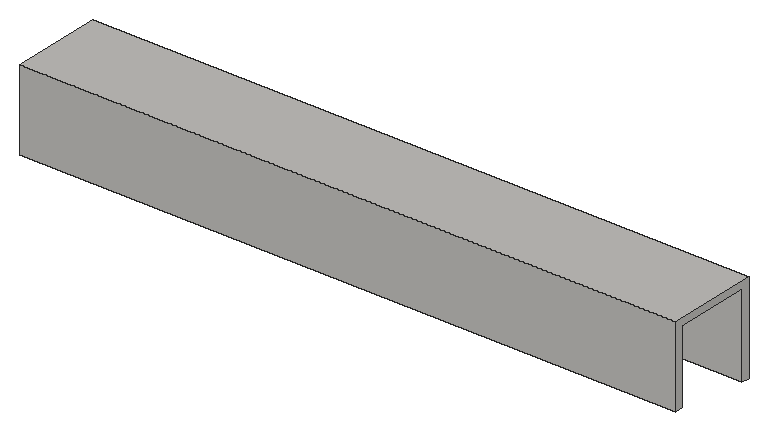
Revit family "Curb_Overlay_NobleCompany", category Specialty Equipment, host Face, Revit 2015
Parameters (values of type "1 Sided")
  Width [instance] = 32 1/2"
  URL = "www.noblecompany.com"
  Type Comments = ""
  Tile [instance] = Stainless Steel - Brushed
  Radius = 15 1/2"
  Product Properties = "http://www.noblecompany.com/Portals/0/PRODUCT%20INFO/Product%20Descriptions/FreeStyle%20Linear%20Drain%20Product%20Decription%200410.pdf"
  Product Data = "http://www.noblecompany.com/Products/ShowerProducts/tabid/59/Default.aspx"
  Model = "Preformed Overlay Curb"
  Manufacturer Phone - Toll Free = "800-878-5788"
  Manufacturer Phone = "231-799-8000"
  Manufacturer Fax = "231-799-8850"
  Manufacturer Email = "mailto:sales@noblecompany.com"
  Manufacturer Address = "7300 Enterprise Drive, Spring Lake, MI  49456 USA"
  Manufacturer = "Noble Company"
  Floor Offset_Outside [instance] = 1"
  Floor Offset_Inside [instance] = 1/2"
  Det2 = no
  Depth [instance] = 32 1/2"
  Installation-Fabrication = "http://www.noblecompany.com/Portals/0/PRODUCT%20INFO/Product%20Descriptions/FreeStyle%20Linear%20Drain%20Product%20Decription%200410.pdf"
  Height = 20"
  Description = "Noble Preformed Overlay Curb"
  Building Codes = "http://www.noblecompany.com/Portals/0/TECHNICAL%20INFO/Listing_Testing_Certification_Reports/PMG-1065%20Noble%20Company%20Linear%20Drain%20final%202.pdf"
  Base = Polymer coated Expanded Polystyrene
  Assembly Code = "D2030300"
  Default Elevation = 0"
  3 Sides = no
  2 Sides = no
  1 Side = yes
Types (3): name | Type Comments | Floor Offset_Outside | Floor Offset_Inside | Det2 | 3 Sides | 2 Sides | 1 Side
  1 Sided | "" | 1" | 1/2" | no | no | no | yes
  2 Sided | "" | 1/4" | 1/4" | yes | no | yes | no
  3 Sided | "Modify Sweep for Neo Angles and Custom Applications" | 1/2" | 1/4" | yes | yes | no | no
Reference planes (in)
  plane 1 "Center (Front/Back)": y = 0
  plane 2: z = 0
  plane 3 "Center (Left/Right)": x = 0
  plane 4: x = 32.5
  plane 5: y = 32.5
  plane 6: z = 20
Forms (in)
  Sweep 1, solid, material "Polymer coated Expanded Polystyrene" <- "Base", visible <- "1 Side"
    path origin (0, 0, 0) x (1, 0, 0) y (0, 1, 0)
      loop
        line (0, 0) -> (32.5, 0)
    profile "Profle_Curb_Overlay : Profle_Curb_Overlay" origin (16.25, 0, 0) x (0, 1, 0) y (0, 0, 1)
      loop
        line (0, 0.5) -> (0, 5) -> (-4.5, 5) -> (-4.5, 1) -> (-4.125, 1) -> (-4.125, 4.625) -> (-0.375, 4.625) -> (-0.375, 0.5) -> (0, 0.5)
  Sweep 2, solid, material "Polymer coated Expanded Polystyrene" <- "Base", visible <- "2 Sides"
    path origin (0, 0, 0) x (1, 0, 0) y (0, 1, 0)
      loop
        line (0, 0) -> (32.5, 0) -> (32.5, 32.5)
    profile "Profle_Curb_Overlay : Profle_Curb_Overlay" origin (16.25, 0, 0) x (0, 1, 0) y (0, 0, 1)
      loop
        line (0, 0.5) -> (0, 5) -> (-4.5, 5) -> (-4.5, 1) -> (-4.125, 1) -> (-4.125, 4.625) -> (-0.375, 4.625) -> (-0.375, 0.5) -> (0, 0.5)
  Sweep 3, solid, material "Polymer coated Expanded Polystyrene" <- "Base", visible <- "3 Sides"
    path origin (0, 0, 0) x (1, 0, 0) y (0, 1, 0)
      loop
        line (0, 0) -> (32.5, 0) -> (32.5, 32.5) -> (0, 32.5)
    profile "Profle_Curb_Overlay : Profle_Curb_Overlay" origin (16.25, 0, 0) x (0, 1, 0) y (0, 0, 1)
      loop
        line (0, 0.5) -> (0, 5) -> (-4.5, 5) -> (-4.5, 1) -> (-4.125, 1) -> (-4.125, 4.625) -> (-0.375, 4.625) -> (-0.375, 0.5) -> (0, 0.5)
Dimensions and locks (in)
  "Height": plane 6 to level
  "Width": plane 3 "Center (Left/Right)" to plane 4
  "Depth": plane 5 to plane 1 "Center (Front/Back)"
  aligned and locked: plane 2 to host face
  aligned and locked: level to host face
  aligned and locked: plane 1 "Center (Front/Back)" to Sweep 1 sketch curve
  aligned and locked: plane 3 "Center (Left/Right)" to Sweep 1 sketch curve
  aligned and locked: plane 4 to Sweep 1 sketch curve
  aligned and locked: plane 3 "Center (Left/Right)" to Sweep 2 sketch curve
  aligned and locked: plane 5 to Sweep 2 sketch curve
  aligned and locked: plane 4 to Sweep 2 sketch curve
  aligned and locked: plane 1 "Center (Front/Back)" to Sweep 2 sketch curve
  aligned and locked: plane 3 "Center (Left/Right)" to Sweep 3 sketch curve  (x2)
  aligned and locked: plane 1 "Center (Front/Back)" to Sweep 3 sketch curve
  aligned and locked: plane 4 to Sweep 3 sketch curve
  aligned and locked: plane 5 to Sweep 3 sketch curve
  aligned and locked: nested 1 to level
  aligned and locked: plane 4 to nested 1
  aligned and locked: plane 5 to nested 2
  aligned and locked: nested 2 to level
  aligned and locked: nested 3 to plane 1 "Center (Front/Back)"
  aligned and locked: level to nested 3
Automatic sketch dimensions
  host sketch curve to host sketch curve = 56 1/2"
  host sketch curve to host sketch curve = 49.54642"
Nested families (in)
  nested 1: "Detail_Curb_Overlay" at (32.5, 0, 0) x (1, 0, 0) z (0, -1, 0), visible <- "Det2", type "Detail_Curb_Overlay"
  nested 2: "Detail_Curb_Overlay" at (0, 32.5, 0) x (0, 1, 0) z (1, 0, 0), visible <- "3 Sides", type "Detail_Curb_Overlay"
  nested 3: "Detail_Curb_Overlay" at (0, 0, 0) x (0, -1, 0) z (1, 0, 0), type "Detail_Curb_Overlay"
Definition of nested family "Detail_Curb_Overlay"
  Parameters
    Floor Offset_Shower Side = 1/4"
    Floor Offset_Outside = 1/4"
  Reference planes (in)
    plane 1 "Center (Front/Back)": y = 0
    plane 2: z = 0
    plane 3 "Center (Left/Right)": x = 0
    plane 4: y = 0.25
    plane 5: y = 0.25
    plane 6: y = 5
    plane 7: y = 4.5
    plane 8: y = 4.625
  Lines and regions (in)
    Filled region 1, type "Concrete", in view "Ref. Level"
      outline origin (0.125, 0.375, 0) x (1, 0, 0) y (0, 1, 0)
        loop
          line (-0.125, 4.625) -> (-0.125, -0.125) -> (0.25, -0.125) -> (0.25, 4.25) -> (3.99992, 4.25) -> (3.99992, -0.125) -> (4.37492, -0.125) -> (4.37492, 4.625) -> (-0.125, 4.625)
    Filled region 2, type "Solid", in view "Ref. Level"
      outline origin (0, 0, 0) x (1, 0, 0) y (0, 1, 0)
        loop
          line (0.5, 0) -> (0.5, 4.5) -> (4, 4.5) -> (4, 0) -> (6, 0) -> (6, 0.0625) -> (4.0625, 0.0625) -> (4.0625, 4.5625) -> (0.4375, 4.5625) -> (0.4375, 0.0625) -> (-1.49439, 0.0625) -> (-1.49439, 0) -> (0.5, 0)
    detail lines, in view "Ref. Level"
      curve 1: line (0, 0.25, 0) -> (0, 5, 0)
      curve 2: line (0, 5, 0) -> (4.49992, 5, 0)
      curve 3: line (4.49992, 5, 0) -> (4.49992, 0.25, 0)
      curve 4: line (4.49992, 0.25, 0) -> (4.12492, 0.25, 0)
      curve 5: line (4.12492, 0.25, 0) -> (4.12492, 4.5, 0)
      curve 6: line (4.12492, 4.625, 0) -> (0.5, 4.625, 0)
      curve 7: line (0.375, 4.5, 0) -> (0.375, 0.25, 0)
      curve 8: line (0.375, 0.25, 0) -> (0, 0.25, 0)
      curve 9: line (0.5, 3, 0) -> (4, 3, 0)
      curve 10: line (0.5, 1.5, 0) -> (4, 1.5, 0)
      curve 11: line (0.5, 0, 0) -> (4, 0, 0)
      curve 12: line (0.5, 4.5, 0) -> (4, 3, 0)
      curve 13: line (4, 3, 0) -> (0.5, 1.5, 0)
      curve 14: line (0.5, 1.5, 0) -> (4, 0, 0)
      curve 15: line (4, 1.5, 0) -> (0.5, 0, 0)
      curve 16: line (4, 1.5, 0) -> (0.5, 3, 0)
      curve 17: line (0.5, 3, 0) -> (4, 4.5, 0)
      curve 18: line (0.5, 0, 0) -> (0.5, 4.5, 0)
      curve 19: line (4, 0, 0) -> (4, 4.5, 0)
      curve 20: line (0.5, 4.5, 0) -> (4, 4.5, 0)
      curve 21: arc (0.5, 4.375, 0) -> (0.375, 4.25, 0) -> (0.5, 4.125, 0) r 0.125
      curve 22: arc (0.5, 3.875, 0) -> (0.375, 3.75, 0) -> (0.5, 3.625, 0) r 0.125
      curve 23: arc (0.5, 3.375, 0) -> (0.375, 3.25, 0) -> (0.5, 3.125, 0) r 0.125
      curve 24: arc (0.5, 2.875, 0) -> (0.375, 2.75, 0) -> (0.5, 2.625, 0) r 0.125
      curve 25: arc (0.5, 2.375, 0) -> (0.375, 2.25, 0) -> (0.5, 2.125, 0) r 0.125
      curve 26: arc (0.5, 1.875, 0) -> (0.375, 1.75, 0) -> (0.5, 1.625, 0) r 0.125
      curve 27: arc (0.5, 1.375, 0) -> (0.375, 1.25, 0) -> (0.5, 1.125, 0) r 0.125
      curve 28: arc (0.5, 0.25349, 0) -> (0.375, 0.12849, 0) -> (0.5, 0.00349, 0) r 0.125
      curve 29: arc (0.5, 0.03781, 0) -> (0.375, -0.08719, 0) -> (0.5, -0.21219, 0) r 0.125
      curve 30: arc (4, 4.375, 0) -> (4.125, 4.25, 0) -> (4, 4.125, 0) r 0.125
      curve 31: arc (4, 3.875, 0) -> (4.125, 3.75, 0) -> (4, 3.625, 0) r 0.125
      curve 32: arc (4, 3.375, 0) -> (4.125, 3.25, 0) -> (4, 3.125, 0) r 0.125
      curve 33: arc (4, 2.875, 0) -> (4.125, 2.75, 0) -> (4, 2.625, 0) r 0.125
      curve 34: arc (4, 2.375, 0) -> (4.125, 2.25, 0) -> (4, 2.125, 0) r 0.125
      curve 35: arc (4, 1.875, 0) -> (4.125, 1.75, 0) -> (4, 1.625, 0) r 0.125
      curve 36: arc (4, 0.75349, 0) -> (4.125, 0.62849, 0) -> (4, 0.50349, 0) r 0.125
      curve 37: arc (4, 0.25349, 0) -> (4.125, 0.12849, 0) -> (4, 0.00349, 0) r 0.125
      curve 38: arc (4, 0.375, 0) -> (4.125, 0.25, 0) -> (4, 0.125, 0) r 0.125
      curve 39: arc (0.875, 4.5, 0) -> (0.75, 4.625, 0) -> (0.625, 4.5, 0) r 0.125
      curve 40: arc (1.375, 4.5, 0) -> (1.25, 4.625, 0) -> (1.125, 4.5, 0) r 0.125
      curve 41: arc (1.875, 4.5, 0) -> (1.75, 4.625, 0) -> (1.625, 4.5, 0) r 0.125
      curve 42: arc (2.375, 4.5, 0) -> (2.25, 4.625, 0) -> (2.125, 4.5, 0) r 0.125
      curve 43: arc (2.875, 4.5, 0) -> (2.75, 4.625, 0) -> (2.625, 4.5, 0) r 0.125
      curve 44: arc (3.375, 4.5, 0) -> (3.25, 4.625, 0) -> (3.125, 4.5, 0) r 0.125
      curve 45: arc (3.875, 4.5, 0) -> (3.75, 4.625, 0) -> (3.625, 4.5, 0) r 0.125
  Dimensions and locks (in)
    "Floor Offset_Shower Side": plane 1 "Center (Front/Back)" to plane 4
    "Floor Offset_Outside": plane 1 "Center (Front/Back)" to plane 5
    locked: plane 6 to plane 8 at 0.375
    locked: plane 1 "Center (Front/Back)" to plane 6 at 5
    locked: plane 8 to plane 7 at 0.125
    equal spacing: plane 7, curve 9, curve 10, plane 1 "Center (Front/Back)"
    aligned and locked: Filled region 1 sketch curve to curve 2
    aligned and locked: Filled region 1 sketch curve to curve 3
    aligned and locked: Filled region 1 sketch curve to curve 4
    aligned and locked: Filled region 1 sketch curve to curve 5
    aligned and locked: Filled region 1 sketch curve to curve 6
    aligned and locked: Filled region 1 sketch curve to curve 7
    aligned and locked: curve 8 to Filled region 1 sketch curve
    aligned and locked: Filled region 1 sketch curve to curve 1
    aligned and locked: plane 4 to curve 4
    aligned and locked: plane 5 to curve 8
    aligned and locked: curve 2 to plane 6
    aligned and locked: plane 8 to curve 6
    aligned and locked: curve 20 to plane 7
    aligned and locked: Filled region 2 to plane 7
  Automatic sketch dimensions
    plane 1 "Center (Front/Back)" to Filled region 2 sketch curve = 0"  (x2)
    Filled region 2 sketch curve to plane 1 "Center (Front/Back)" = 1/16"  (x2)
    Filled region 2 sketch curve to plane 3 "Center (Left/Right)" = 1.49439"
    plane 3 "Center (Left/Right)" to Filled region 2 sketch curve = 7/16"
    Filled region 2 sketch curve to Filled region 2 sketch curve = 1/16"  (x3)
    Filled region 2 sketch curve to Filled region 2 sketch curve = 3 1/2"
    Filled region 2 sketch curve to Filled region 2 sketch curve = 1 15/16"
    plane 4 to Filled region 2 sketch curve = 4 1/4"
    curve 1 to plane 3 "Center (Left/Right)" = 0"
    curve 7 to plane 7 = 0"
    plane 1 "Center (Front/Back)" to curve 11 = 0"
    plane 5 to curve 38 = 0"
    curve 5 to plane 7 = 0"
    plane 3 "Center (Left/Right)" to curve 8 = 3/8"
    plane 1 "Center (Front/Back)" to curve 29 = 0.08719"
    curve 7 to curve 29 = 1/8"
    curve 12 to curve 39 = 1/4"
    curve 39 to curve 40 = 1/2"
    curve 40 to curve 41 = 1/2"
    curve 41 to curve 42 = 1/2"
    curve 42 to curve 43 = 1/2"
    curve 43 to curve 44 = 1/2"
    curve 44 to curve 45 = 1/2"
    curve 45 to curve 31 = 1/4"
    curve 37 to curve 5 = 0.12492"
    curve 4 to curve 3 = 3/8"
    curve 28 to plane 4 = 0.12151"
    curve 37 to plane 4 = 0.12151"
    plane 4 to curve 36 = 0.37849"
    curve 27 to curve 13 = 1/4"
    curve 10 to curve 26 = 1/4"
    curve 10 to curve 35 = 1/4"
    curve 26 to curve 25 = 1/2"
    curve 25 to curve 24 = 1/2"
    curve 33 to curve 12 = 1/4"
    curve 9 to curve 23 = 1/4"
    curve 9 to curve 32 = 1/4"
    curve 23 to curve 22 = 1/2"
    curve 32 to curve 31 = 1/2"
    curve 30 to curve 17 = 1/4"
    curve 21 to curve 12 = 1/4"
    curve 6 to curve 12 = 0"
    curve 39 to curve 39 = 1/8"
    curve 40 to curve 40 = 1/8"
    curve 41 to curve 41 = 1/8"
    curve 42 to curve 42 = 1/8"
    curve 43 to curve 43 = 1/8"
    curve 44 to curve 44 = 1/8"
    curve 45 to curve 45 = 1/8"
    curve 6 to curve 5 = 0"
    curve 29 to curve 29 = 1/8"
    curve 38 to curve 38 = 1/8"
    curve 28 to curve 28 = 1/8"
    curve 37 to curve 37 = 1/8"
    curve 27 to curve 27 = 1/8"
    curve 36 to curve 36 = 1/8"
    curve 35 to curve 35 = 1/8"
    curve 26 to curve 26 = 1/8"
    curve 25 to curve 25 = 1/8"
    curve 34 to curve 34 = 1/8"
    curve 24 to curve 24 = 1/8"
    curve 33 to curve 33 = 1/8"
    curve 32 to curve 32 = 1/8"
    curve 23 to curve 23 = 1/8"
    curve 22 to curve 22 = 1/8"
    curve 31 to curve 31 = 1/8"
    curve 21 to curve 21 = 1/8"
    curve 30 to curve 30 = 1/8"
    curve 34 to curve 33 = 3/8"
